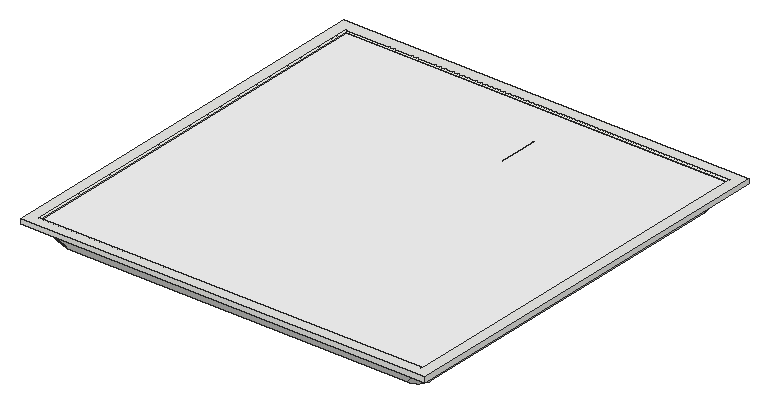
Revit family "Thorn BETA FORCE", category Lighting Fixtures, host Face, Revit 2023
Family settings
  Host = Face
  Round Connector Dimension = Use Diameter
  Part Type = Normal
  OmniClass Number = 23.80.70.11.11
  OmniClass Title = General Luminaries, Non Directional
  Cut with Voids When Loaded = Yes
  Light Source = Yes
  Maintain Annotation Orientation = No
  Shared = No
  Room Calculation Point = Yes
Parameters (values of type "BETA FORCE 3500-80 CSW OP HF Q600")
  Wattage = 26.4926 W
  built-in parameter 1150110 = 1 (stored number, unit not read)
  Voltage = 230 V
  Visibility Plasterboard kit = and(Plasterboard Kit, or(Housing Q600, Housing Q625, Housing 3X12))  # no
  URL = "https://www.thornlighting.com/en/products/indoor-lighting/recessed-modular-luminaires/Beta_Force"
  Type Plasterboard kit Q625 = Thorn BETA 3 Plasterboard Kit : BETA 3 PLASTERBOARD KIT Q625
  Type Plasterboard kit Q600 = Thorn BETA 3 Plasterboard Kit : BETA 3 PLASTERBOARD KIT Q600
  Type Plasterboard kit 3X12 = Thorn BETA 3 Plasterboard Kit : BETA 3 PLASTERBOARD KIT 3x12
  Type Plasterboard Kit = if(Housing Q600, Type Plasterboard kit Q600, if(Housing Q625, Type Plasterboard kit Q625, if(Housing 3X12, Type Plasterboard kit 3X12, Type Plasterboard kit Q600)))  # Thorn BETA 3 Plasterboard Kit : BETA 3 PLASTERBOARD KIT Q600
  Type Image = Beta Force-600.jpg
  built-in parameter 1114217 = 1 (stored number, unit not read)
  Tilt Angle = -90.00°  # constant formula
  built-in parameter 1150109 = 1 (stored number, unit not read)
  built-in parameter 1150134 = 12
  built-in parameter 1150113 = 1 (stored number, unit not read)
  SELECT MOUNTING ACCESSORIES = "SELECT MOUNTING ACCESSORIES"  # constant formula
  SELECT HOUSING TYPE = "SELECT HOUSING TYPE"  # constant formula
  Power Factor = 0.9
  Plasterboard Kit = no
  Photometric Web File = "96638041_(4000K).IES"
  Model = "96638041"
  Manufacturer = "Thorn Lighting"  # constant formula
  built-in parameter 1150105 = 286.72 (stored number, unit not read)
  Lumens = 3603 lm
  Luminaire Width = if(Housing Q600, 596 mm, if(Housing Q625, 622 mm, if(Housing 3X12, 296 mm, if(Housing 3X12D, 309 mm, 596 mm))))  # 596 mm
  Luminaire Length = if(Housing Q600, 596 mm, if(Housing Q625, 622 mm, if(Housing 3X12, 1196 mm, if(Housing 3X12D, 1247 mm, 596 mm))))  # 596 mm
  Luminaire Height = 35 mm  # constant formula
  built-in parameter 1150115 = 1 (stored number, unit not read)
  built-in parameter 1150137 = (empty or 0)
  built-in parameter 1150139 = (empty or 0)
  built-in parameter 1150112 = 1 (stored number, unit not read)
  built-in parameter 1150114 = 1 (stored number, unit not read)
  built-in parameter 1150132 = 2
  built-in parameter 1150102 = (empty or 0)
  built-in parameter 1150107 = 4000 (stored number, unit not read)
  built-in parameter 1150138 = (empty or 0)
  built-in parameter 1150106 = 2.8672 (stored number, unit not read)
  Housing Q625 = no
  Housing Q600 = yes
  Housing 3X12D = no
  Housing 3X12 = no
  Emit from Rectangle Width = Luminaire Width - 36 mm  # 560 mm
  Emit from Rectangle Length = Luminaire Length - 36 mm  # 560 mm
  Emit Shape Visible in Rendering = 0 < 1  # yes
  built-in parameter 1150104 = 12.635 (stored number, unit not read)
  Void = if(Visibility Plasterboard kit, 2 mm, 0 mm)  # 0 mm
  Dimming Lamp Color Temperature Shift = <None>
  Description = " Recessed Modular Luminaire"  # constant formula
  Default Elevation = 0 mm  # constant formula
  Frame = if(or(Housing Q600, Housing Q625), 16.5 mm, 19 mm)  # 16.5 mm
  Color Filter = 16777215
  built-in parameter 1114218 = 1 (stored number, unit not read)
  built-in parameter 1150133 = 10 (stored number, unit not read)
  Assembly Code = "Pr_70_60_48_45"
  Apparent Load = 26.4 VA
Types (17, lengths in mm): name | Wattage | Type Plasterboard Kit | Type Image | Photometric Web File | Model | built-in parameter 1150105 | Lumens | Luminaire Width | Luminaire Length | built-in parameter 1150106 | Housing Q600 | Housing 3X12D | Housing 3X12 | Emit from Rectangle Width | Emit from Rectangle Length | built-in parameter 1150104 | Frame | Apparent Load
  BETA FORCE 3500-80 CSW OP HFIX 3X12 | 24.9857 W | Thorn BETA 3 Plasterboard Kit : BETA 3 PLASTERBOARD KIT 3x12 | Beta Force-3x12.jpg | "96638055_(4000K).IES" | "96638055" | 278.36 (stored number, unit not read) | 3498 lm | 296 | 1196 | 2.7836 (stored number, unit not read) | no | no | yes | 260 | 1160 | 13.006 (stored number, unit not read) | 19 | 24.9 VA
  BETA FORCE 4100-80 CSW OP HFIX 3X12 | 30.562 W | Thorn BETA 3 Plasterboard Kit : BETA 3 PLASTERBOARD KIT 3x12 | Beta Force-3x12.jpg | "96638056_(4000K).IES" | "96638056" | 333.19 (stored number, unit not read) | 4187 lm | 296 | 1196 | 3.3319 (stored number, unit not read) | no | no | yes | 260 | 1160 | 12.728 (stored number, unit not read) | 19 | 30.6 VA
  BETA FORCE 3500-80 CSW OP HFIX Q600 | 24.9655 W | Thorn BETA 3 Plasterboard Kit : BETA 3 PLASTERBOARD KIT Q600 | Beta Force-600.jpg | "96638052_(4000K).IES" | "96638052" | 288.07 (stored number, unit not read) | 3620 lm | 596 | 596 | 2.8807 (stored number, unit not read) | yes | no | no | 560 | 560 | 13.471 (stored number, unit not read) | 16.5 | 25 VA
  BETA FORCE 4100-80 CSW OP HFIX Q600 | 30.4286 W | Thorn BETA 3 Plasterboard Kit : BETA 3 PLASTERBOARD KIT Q600 | Beta Force-600.jpg | "96638053_(4000K).IES" | "96638053" | 339 (stored number, unit not read) | 4260 lm | 596 | 596 | 3.39 (stored number, unit not read) | yes | no | no | 560 | 560 | 13.006 (stored number, unit not read) | 16.5 | 30.4 VA
  BETA FORCE 4100-90 CSW OP HFIX Q600 | 33.1951 W | Thorn BETA 3 Plasterboard Kit : BETA 3 PLASTERBOARD KIT Q600 | Beta Force-600.jpg | "96638058_(4000K).IES" | "96638058" | 324.91 (stored number, unit not read) | 4083 lm | 596 | 596 | 3.2491 (stored number, unit not read) | yes | no | no | 560 | 560 | 11.427 (stored number, unit not read) | 16.5 | 33.2 VA
  BETA FORCE 6000-80 CSW OP HFIX Q600 | 48.256 W | Thorn BETA 3 Plasterboard Kit : BETA 3 PLASTERBOARD KIT Q600 | Beta Force-600.jpg | "96638054_(4000K).IES" | "96638054" | 480.01 (stored number, unit not read) | 6032 lm | 596 | 596 | 4.8001 (stored number, unit not read) | yes | no | no | 560 | 560 | 11.613 (stored number, unit not read) | 16.5 | 48.4 VA
  BETA FORCE 4100-90 CSW OP HFIX 3X12 | 32.9758 W | Thorn BETA 3 Plasterboard Kit : BETA 3 PLASTERBOARD KIT 3x12 | Beta Force-3x12.jpg | "96638059_(4000K).IES" | "96638059" | 325.39 (stored number, unit not read) | 4089 lm | 296 | 1196 | 3.2539 (stored number, unit not read) | no | no | yes | 260 | 1160 | 11.52 (stored number, unit not read) | 19 | 33 VA
  BETA FORCE 6000-80 CSW OP HFIX 3X12 | 48.6569 W | Thorn BETA 3 Plasterboard Kit : BETA 3 PLASTERBOARD KIT 3x12 | Beta Force-3x12.jpg | "96638057_(4000K).IES" | "96638057" | 530.46 (stored number, unit not read) | 6666 lm | 296 | 1196 | 5.3046 (stored number, unit not read) | no | no | yes | 260 | 1160 | 12.728 (stored number, unit not read) | 19 | 48.6 VA
  BETA FORCE 3500-80 CSW OP HF 3X12 | 26.3534 W | Thorn BETA 3 Plasterboard Kit : BETA 3 PLASTERBOARD KIT 3x12 | Beta Force-3x12.jpg | "96638044_(4000K).IES" | "96638044" | 278.92 (stored number, unit not read) | 3505 lm | 296 | 1196 | 2.7892 (stored number, unit not read) | no | no | yes | 260 | 1160 | 12.356 (stored number, unit not read) | 19 | 26.4 VA
  BETA FORCE 3500-80 CSW OP HF Q600 | 26.4926 W | Thorn BETA 3 Plasterboard Kit : BETA 3 PLASTERBOARD KIT Q600 | Beta Force-600.jpg | "96638041_(4000K).IES" | "96638041" | 286.72 (stored number, unit not read) | 3603 lm | 596 | 596 | 2.8672 (stored number, unit not read) | yes | no | no | 560 | 560 | 12.635 (stored number, unit not read) | 16.5 | 26.4 VA
  BETA FORCE 4100-80 CSW OP HF 3X12 | 30.5175 W | Thorn BETA 3 Plasterboard Kit : BETA 3 PLASTERBOARD KIT 3x12 | Beta Force-3x12.jpg | "96638045_(4000K).IES" | "96638045" | 347.28 (stored number, unit not read) | 4364 lm | 296 | 1196 | 3.4728 (stored number, unit not read) | no | no | yes | 260 | 1160 | 13.285 (stored number, unit not read) | 19 | 30.6 VA
  BETA FORCE 4100-80 CSW OP HF Q600 | 30.2214 W | Thorn BETA 3 Plasterboard Kit : BETA 3 PLASTERBOARD KIT Q600 | Beta Force-600.jpg | "96638042_(4000K).IES" | "96638042" | 336.69 (stored number, unit not read) | 4231 lm | 596 | 596 | 3.3669 (stored number, unit not read) | yes | no | no | 560 | 560 | 13.006 (stored number, unit not read) | 16.5 | 30.3 VA
  BETA FORCE 4100-90 CSW OP HF 3X12 | 32.935 W | Thorn BETA 3 Plasterboard Kit : BETA 3 PLASTERBOARD KIT 3x12 | Beta Force-3x12.jpg | "96638051_(4000K).IES" | "96638051" | 322.37 (stored number, unit not read) | 4051 lm | 296 | 1196 | 3.2237 (stored number, unit not read) | no | no | yes | 260 | 1160 | 11.427 (stored number, unit not read) | 19 | 33 VA
  BETA FORCE 4100-90 CSW OP HF Q600 | 34.2136 W | Thorn BETA 3 Plasterboard Kit : BETA 3 PLASTERBOARD KIT Q600 | Beta Force-600.jpg | "96638050_(4000K).IES" | "96638050" | 280.43 (stored number, unit not read) | 3524 lm | 596 | 596 | 2.8043 (stored number, unit not read) | yes | no | no | 560 | 560 | 9.569 (stored number, unit not read) | 16.5 | 34.2 VA
  BETA FORCE 6000-80 CSW OP HF 3X12 | 47.0379 W | Thorn BETA 3 Plasterboard Kit : BETA 3 PLASTERBOARD KIT 3x12 | Beta Force-3x12.jpg | "96638046_(4000K).IES" | "96638046" | 494.1 (stored number, unit not read) | 6209 lm | 296 | 1196 | 4.941 (stored number, unit not read) | no | no | yes | 260 | 1160 | 12.263 (stored number, unit not read) | 19 | 46.9 VA
  BETA FORCE 6000-80 CSW OP HF 3X12D | 46.8797 W | Thorn BETA 3 Plasterboard Kit : BETA 3 PLASTERBOARD KIT Q600 | Beta Force-3x12.jpg | "96638049_(4000K).IES" | "96638049" | 496.17 (stored number, unit not read) | 6235 lm | 309 | 1247 | 4.9617 (stored number, unit not read) | no | yes | no | 273 | 1211 | 12.356 (stored number, unit not read) | 19 | 46.9 VA
  BETA FORCE 6000-80 CSW OP HF Q600 | 46.2652 W | Thorn BETA 3 Plasterboard Kit : BETA 3 PLASTERBOARD KIT Q600 | Beta Force-600.jpg | "96638043_(4000K).IES" | "96638043" | 485.98 (stored number, unit not read) | 6107 lm | 596 | 596 | 4.8598 (stored number, unit not read) | yes | no | no | 560 | 560 | 12.263 (stored number, unit not read) | 16.5 | 46.1 VA
Reference planes
  plane 1 "Center (Front/Back)": y = 0
  plane 2: z = 0
  plane 3 "Center (Left/Right)": x = 0
  plane 4: x = -298
  plane 5: x = 298
  plane 6: y = 298
  plane 7: y = -298
  plane 8: z = 0
  plane 9: z = -35
  plane 10: y = 314.5
  plane 11: y = -314.5
  plane 12: x = -314.5
  plane 13: x = 314.5
  plane 14: y = 298
  plane 15: y = -298
  plane 16: x = -298
  plane 17: x = 298
Forms (mm)
  Extrusion 1, void
    sketch origin (0, 0, 0) x (1, 0, 0) y (0, 1, 0)
      loop
        line (-298, 298) -> (-298, -298) -> (298, -298) -> (298, 298) -> (-298, 298)
    from -100 to 30
Lines and regions (mm)
  Filled region 1, type "White"
    outline origin (0, 0, 0) x (1, 0, 0) y (0, 1, 0)
      loop
        line (-298, 298) -> (-298, -298) -> (298, -298) -> (298, 298) -> (-298, 298)
      loop
        line (-280, 280) -> (-280, -280) -> (280, -280) -> (280, 280) -> (-280, 280)
  Filled region 2, type "White"
    outline origin (0, 0, 0) x (1, 0, 0) y (0, 1, 0)
      loop
        line (-280, 280) -> (-280, -280) -> (280, -280) -> (280, 280) -> (-280, 280)
  Filled region 3, type "White", visible <- "Visibility Plasterboard kit"
    outline origin (0, 0, 0) x (1, 0, 0) y (0, 1, 0)
      loop
        line (-314.5, 314.5) -> (-314.5, -314.5) -> (314.5, -314.5) -> (314.5, 314.5) -> (-314.5, 314.5)
      loop
        line (-298, 298) -> (-298, -298) -> (298, -298) -> (298, 298) -> (-298, 298)
Dimensions and locks
  equal spacing: plane 4, plane 3 "Center (Left/Right)", plane 5
  "Luminaire Length": plane 4 to plane 5
  equal spacing: plane 7, plane 1 "Center (Front/Back)", plane 6
  "Luminaire Width": plane 7 to plane 6
  "Luminaire Height": plane 8 to plane 9
  "Frame": plane 10 to plane 6
  "Frame": plane 11 to plane 7
  "Frame": plane 12 to plane 4
  "Frame": plane 13 to plane 5
  "Void": plane 14 to plane 6
  "Void": plane 15 to plane 7
  "Void": plane 16 to plane 4
  "Void": plane 17 to plane 5
  locked: host face to imposter light at 1.5
  aligned and locked: plane 2 to host face
  aligned and locked: level to host face
  aligned and locked: nested 1 to plane 1 "Center (Front/Back)"
  aligned and locked: plane 3 "Center (Left/Right)" to nested 1
  aligned and locked: plane 4 to Filled region 1 sketch curve
  aligned and locked: plane 5 to Filled region 1 sketch curve
  aligned and locked: Filled region 1 sketch curve to plane 6
  aligned and locked: Filled region 1 sketch curve to plane 7
  aligned and locked: Filled region 2 sketch curve to nested 1  (x4)
  aligned and locked: plane 3 "Center (Left/Right)" to nested 2
  aligned and locked: plane 1 "Center (Front/Back)" to nested 2
  aligned and locked: Filled region 3 sketch curve to plane 10
  aligned and locked: plane 12 to Filled region 3 sketch curve
  aligned and locked: Filled region 3 sketch curve to plane 11
  aligned and locked: plane 13 to Filled region 3 sketch curve
  aligned and locked: plane 5 to Filled region 3 sketch curve
  aligned and locked: plane 4 to Filled region 3 sketch curve
  aligned and locked: Filled region 3 sketch curve to plane 6
  aligned and locked: Filled region 3 sketch curve to plane 7
  aligned and locked: Extrusion 1 sketch curve to plane 14
  aligned and locked: plane 16 to Extrusion 1 sketch curve
  aligned and locked: plane 17 to Extrusion 1 sketch curve
  aligned and locked: Extrusion 1 sketch curve to plane 15
Automatic sketch dimensions
  host sketch curve to host sketch curve = 2438.4 mm  (x2)
  plane 4 to Filled region 1 sketch curve = 18 mm
  plane 5 to Filled region 1 sketch curve = 18 mm
  Filled region 1 sketch curve to plane 7 = 18 mm
  Filled region 1 sketch curve to plane 6 = 18 mm
Nested families
  nested 1: "Thorn-Parts-Beta Force-Housing" at (0, 0, 0) x (1, 0, 0) z (0, 0, -1), Housing Q600 <- "Housing Q600", Housing Q625 <- "Housing Q625", Housing 3x12 <- "Housing 3X12", Housing 3x12D <- "Housing 3X12D", type "00"
    with Visibility-Clip-3x12 no, Housing Q625 no, Housing Q600 yes, Housing 3x12D no, Housing 3x12 no, G 154 mm, F 580 mm, E 580 mm, B 596 mm, A 596 mm
  nested 2: "Thorn BETA 3 Plasterboard Kit" at (0, 0, 0) x (1, 0, 0) z (0, 0, -1), visible <- "Visibility Plasterboard kit", type <- "Type Plasterboard Kit", type "BETA 3 PLASTERBOARD KIT Q600"
Connectors
  electrical at (0, 0, 0), driven by "Voltage", driven by "Apparent Load", driven by "Power Factor"
    settings: index 1, voltage 230 V, apparent load 26.4 VA, apparent load phase1 0 VA, apparent load phase2 0 VA, apparent load phase3 0 VA, power factor 0.9, load classification "Lighting", number of poles 1, system type 30, power factor state 1, is connector primary yes, connector utility no, sub classification motor no, connector description ""
Definition of nested family "Thorn-Parts-Beta Force-Housing"
  Parameters (values of type "00")
    Material Self Illuminated = none
    Material Housing = none
    Housing Q625 [instance] = no
    Housing Q600 [instance] = yes
    Housing 3x12D [instance] = no
    Housing 3x12 [instance] = no
    Visibility-Clip-3x12 [instance] = or(Housing 3x12, Housing 3x12D)  # no
    Manufacturer = "Thorn Lighting"  # constant formula
    G [instance] = if(or(Housing Q600, Housing Q625), 154 mm, if(or(Housing 3x12, Housing 3x12D), 448 mm, 154 mm))  # 154 mm
    F [instance] = B - 16 mm  # 580 mm
    E [instance] = A - 16 mm  # 580 mm
    Default Elevation = 0 mm  # constant formula
    D = 60 mm  # constant formula
    C = 35 mm  # constant formula
    B [instance] = if(Housing Q600, 596 mm, if(Housing Q625, 622 mm, if(Housing 3x12, 296 mm, if(Housing 3x12D, 309 mm, 596 mm))))  # 596 mm
    A [instance] = if(Housing Q600, 596 mm, if(Housing Q625, 622 mm, if(Housing 3x12, 1196 mm, if(Housing 3x12D, 1247 mm, 596 mm))))  # 596 mm
  Reference planes
    plane 1 "Center (Front/Back)": y = 0
    plane 2: z = 0
    plane 3 "Center (Left/Right)": x = 0
    plane 4: x = -298
    plane 5: x = 298
    plane 6: y = 298
    plane 7: y = -298
    plane 8: x = -290
    plane 9: x = 290
    plane 10: y = 290
    plane 11: y = -290
    plane 12 "Top": z = 35
    plane 13: x = -280
    plane 14: x = 280
    plane 15: y = 280
    plane 16: y = -280
    plane 17: x = -286
    plane 18: y = 286
    plane 19: x = 286
    plane 20: y = -286
    plane 21: z = 60
    plane 22: x = -154
    plane 23: x = 154
  Forms (mm)
    Sweep 1, solid, material <- "Material Housing"
      path origin (0, 0, 0) x (1, 0, 0) y (0, 1, 0)
        loop
          line (298, 298) -> (-298, 298) -> (-298, -298) -> (298, -298) -> (298, 298)
      profile origin (0, 298, 0) x (0, -1, 0) y (0, 0, 1)
        loop
          line (0, 0) -> (15.144, 0) -> (18, 2) -> (18, 7) -> (0, 7) -> (0, 0)
    Extrusion 2, solid, material <- "Material Self Illuminated"
      sketch origin (0, 0, 0) x (1, 0, 0) y (0, 1, 0)
        loop
          line (-280, 280) -> (-280, -280) -> (280, -280) -> (280, 280) -> (-280, 280)
      from 2 to 7
    Blend 3, solid, material <- "Material Housing"
      base sketch origin (0, 0, 0) x (1, 0, 0) y (0, 1, 0)
        loop
          line (276, 286) -> (-276, 286)
          arc (-276, 286) -> (-283.071, 283.071) -> (-286, 276) r 10
          line (-286, 276) -> (-286, -276)
          arc (-286, -276) -> (-283.071, -283.071) -> (-276, -286) r 10
          line (-276, -286) -> (276, -286)
          arc (276, -286) -> (283.071, -283.071) -> (286, -276) r 10
          line (286, -276) -> (286, 276)
          arc (286, 276) -> (283.071, 283.071) -> (276, 286) r 10
      top sketch origin (0, 0, 0) x (1, 0, 0) y (0, 1, 0)
        loop
          line (250, 270) -> (-250, 270)
          arc (-250, 270) -> (-264.142, 264.142) -> (-270, 250) r 20
          line (-270, 250) -> (-270, -250)
          arc (-270, -250) -> (-264.142, -264.142) -> (-250, -270) r 20
          line (-250, -270) -> (250, -270)
          arc (250, -270) -> (264.142, -264.142) -> (270, -250) r 20
          line (270, -250) -> (270, 250)
          arc (270, 250) -> (264.142, 264.142) -> (250, 270) r 20
      from 7 to 35
    Sweep 4, solid, detail levels fine
      path origin (0, 0, 0) x (0, 1, 0) y (0, 0, 1)
        loop
          line (-90, 43.166) -> (-273.735, 43.166)
          arc (-273.735, 43.166) -> (-281.617, 37.103) -> (-277.781, 27.929) r 8.156
          line (-277.781, 27.929) -> (-274.961, 26.318)
      profile origin (0, -181.867, 43.166) x (0, 0, -1) y (1, 0, 0)
        loop
          circle (0, 0) r 2
    Extrusion 5, solid, material <- "Material Housing", detail levels fine
      sketch origin (0, 0, 0) x (1, 0, 0) y (0, 1, 0)
        loop
          arc (-50, -75.306) -> (0, -90) -> (50, -75.306) r 92.416
          line (50, -75.306) -> (50, 0) -> (50, 75.306)
          arc (50, 75.306) -> (0, 90) -> (-50, 75.306) r 92.416
          line (-50, 75.306) -> (-50, 0) -> (-50, -75.306)
      from 35 to 60
  Dimensions and locks
    equal spacing: plane 6, plane 1 "Center (Front/Back)", plane 7
    equal spacing: plane 4, plane 3 "Center (Left/Right)", plane 5
    "A": plane 4 to plane 5
    "B": plane 6 to plane 7
    equal spacing: plane 8, plane 3 "Center (Left/Right)", plane 9
    equal spacing: plane 11, plane 1 "Center (Front/Back)", plane 10
    "E": plane 8 to plane 9
    "F": plane 11 to plane 10
    locked: plane 4 to plane 13 at 18
    locked: plane 14 to plane 5 at 18
    locked: plane 6 to plane 15 at 18
    locked: plane 16 to plane 7 at 18
    locked: plane 4 to plane 17 at 12
    locked: plane 6 to plane 18 at 12
    locked: plane 19 to plane 5 at 12
    locked: plane 20 to plane 7 at 12
    "G": plane 22 to plane 3 "Center (Left/Right)"
    "G": plane 3 "Center (Left/Right)" to plane 23
    locked: plane 21 to plane 12 "Top" at 25
    "C": plane 12 "Top" to level
    locked: Sweep 1 sketch curve to Sweep 1 sketch curve at 18
    aligned and locked: level to plane 2
    aligned and locked: Sweep 1 sketch curve to plane 6
    aligned and locked: plane 5 to Sweep 1 sketch curve
    aligned and locked: plane 7 to Sweep 1 sketch curve
    aligned and locked: Sweep 1 sketch curve to plane 4
    aligned and locked: Extrusion 2 sketch curve to plane 15
    aligned and locked: Extrusion 2 sketch curve to plane 13
    aligned and locked: plane 14 to Extrusion 2 sketch curve
    aligned and locked: plane 16 to Extrusion 2 sketch curve
    aligned and locked: plane 12 "Top" to Blend 3
    aligned and locked: plane 18 to Blend 3 sketch curve
    aligned and locked: plane 17 to Blend 3 sketch curve
    aligned and locked: plane 19 to Blend 3 sketch curve
    aligned and locked: plane 20 to Blend 3 sketch curve
    aligned and locked: Extrusion 5 to plane 12 "Top"
    aligned and locked: plane 21 to Extrusion 5
  Automatic sketch dimensions
    plane 13 to Blend 3 sketch curve = 4 mm  (x2)
    plane 14 to Blend 3 sketch curve = 4 mm  (x2)
    plane 13 to Blend 3 sketch curve = 10 mm
    Blend 3 sketch curve to Blend 3 sketch curve = 20 mm  (x2)
    Blend 3 sketch curve to plane 16 = 10 mm
    plane 14 to Blend 3 sketch curve = 30 mm  (x2)
    plane 14 to Blend 3 sketch curve = 10 mm
    Blend 3 sketch curve to plane 15 = 30 mm
    plane 1 "Center (Front/Back)" to Extrusion 5 sketch curve = 0 mm  (x2)
    Extrusion 5 sketch curve to plane 3 "Center (Left/Right)" = 0 mm  (x2)
    Extrusion 5 sketch curve to plane 3 "Center (Left/Right)" = 50 mm
    plane 3 "Center (Left/Right)" to Extrusion 5 sketch curve = 50 mm
    plane 1 "Center (Front/Back)" to Extrusion 5 sketch curve = 2.416 mm
    plane 1 "Center (Front/Back)" to Extrusion 5 sketch curve = 75.306 mm
    Extrusion 5 sketch curve to plane 1 "Center (Front/Back)" = 2.416 mm
    Extrusion 5 sketch curve to plane 1 "Center (Front/Back)" = 75.306 mm
    Sweep 1 sketch curve to profile plane = 0 mm
    Sweep 1 sketch curve to level = 0 mm
    Sweep 1 sketch curve to Sweep 1 sketch curve = 2.856 mm
    level to Sweep 1 sketch curve = 2 mm
    Sweep 1 sketch curve to Sweep 1 sketch curve = 5 mm
    Sweep 4 sketch curve to plane 16 = 2.219 mm
    plane 12 "Top" to Sweep 4 sketch curve = 0.01 mm
    Sweep 4 sketch curve to plane 16 = 6.265 mm
    Sweep 4 sketch curve to plane 12 "Top" = 7.071 mm
    Sweep 4 sketch curve to Sweep 4 sketch curve = 2.82 mm
    plane 1 "Center (Front/Back)" to Sweep 4 sketch curve = 90 mm
    Sweep 4 sketch curve to Sweep 4 sketch curve = 1.611 mm
    Sweep 4 sketch curve to plane 3 "Center (Left/Right)" = 0 mm
    Sweep 4 sketch curve to profile plane = 0 mm
    radius of Sweep 4 sketch curve = 2 mm
Definition of nested family "Thorn BETA 3 Plasterboard Kit"
  Parameters (values of type "BETA 3 PLASTERBOARD KIT Q600")
    URL = "https://www.thornlighting.com/en/products/indoor-lighting/recessed-modular-luminaires/Beta_Force/beta-force-accessories/96635030"
    Type Image = element 364296
    Model = "96635030"
    Material Housing = none
    Manufacturer = "Thorn Lighting"  # constant formula
    G = 100 mm
    F = 100 mm
    E = 16.5 mm
    Description = "Ceiling luminaire accessories - Plasterboard kit"  # constant formula
    Default Elevation = 0 mm  # constant formula
    D = 15 mm  # constant formula
    Height = 90 mm  # constant formula
    Width = 596 mm
    Assembly Code = "Pr_70_70_48_23"
    Length = 596 mm
  Types (3, lengths in mm): name | URL | Type Image | Model | F | E | Width | Length
    BETA 3 PLASTERBOARD KIT Q625 | "https://www.thornlighting.com/en/products/indoor-lighting/recessed-modular-luminaires/Beta_3/beta-3-accessories/96635032" | element 364296 | "96635032" | 100 | 16.5 | 622 | 622
    BETA 3 PLASTERBOARD KIT Q600 | "https://www.thornlighting.com/en/products/indoor-lighting/recessed-modular-luminaires/Beta_Force/beta-force-accessories/96635030" | element 364296 | "96635030" | 100 | 16.5 | 596 | 596
    BETA 3 PLASTERBOARD KIT 3x12 | "https://www.thornlighting.com/en/products/indoor-lighting/recessed-modular-luminaires/Beta_3/beta-3-accessories/96635447" | element 364298 | "96635447" | 50 | 19 | 296 | 1196
  Reference planes
    plane 1 "Center (Front/Back)": y = 0
    plane 2: z = 0
    plane 3 "Center (Left/Right)": x = 0
    plane 4 "Left": x = -298
    plane 5 "Right": x = 298
    plane 6 "Back": y = 298
    plane 7 "Front": y = -298
    plane 8: x = -283
    plane 9: x = 283
    plane 10: y = 283
    plane 11: y = -283
    plane 12: x = -314.5
    plane 13: y = 314.5
    plane 14: x = 314.5
    plane 15: y = -314.5
    plane 16: z = 90
    plane 17: z = 20
    plane 18: y = 198
    plane 19: y = -198
    plane 20: x = -198
    plane 21: x = 198
    plane 22: x = -300
    plane 23: x = 300
    plane 24: y = 129
    plane 25: y = -129
    plane 26: x = -129
    plane 27: x = 129
  Forms (mm)
    Extrusion 1, solid, material <- "Material Housing"
      sketch origin (0, 0, 0) x (1, 0, 0) y (0, 1, 0)
        loop
          line (-314.5, 314.5) -> (-314.5, -314.5) -> (314.5, -314.5) -> (314.5, 314.5) -> (-314.5, 314.5)
        loop
          line (-283, 283) -> (-283, -283) -> (283, -283) -> (283, 283) -> (-283, 283)
      from -2 to 0
    Extrusion 2, solid, material <- "Material Housing"
      sketch origin (-298, 0, 0) x (0, 1, 0) y (0, 0, 1)
        loop
          line (298, 0) -> (298, 90) -> (198, 90) -> (129, 20) -> (-129, 20) -> (-198, 90) -> (-298, 90) -> (-298, 0) -> (298, 0)
      from 0 to -2
    Extrusion 3, solid, material <- "Material Housing"
      sketch origin (298, 0, 0) x (0, 1, 0) y (0, 0, -1)
        loop
          line (298, 0) -> (-298, 0) -> (-298, -90) -> (-198, -90) -> (-129, -20) -> (129, -20) -> (198, -90) -> (298, -90) -> (298, 0)
      from 0 to -2
    Extrusion 4, solid, material <- "Material Housing"
      sketch origin (0, 298, 0) x (-1, 0, 0) y (0, 0, 1)
        loop
          line (300, 0) -> (300, 90) -> (198, 90) -> (129, 20) -> (-129, 20) -> (-198, 90) -> (-300, 90) -> (-300, 0) -> (300, 0)
      from 0 to 2
    Extrusion 5, solid, material <- "Material Housing"
      sketch origin (0, -298, 0) x (-1, 0, 0) y (0, 0, -1)
        loop
          line (300, 0) -> (-300, 0) -> (-300, -90) -> (-198, -90) -> (-129, -20) -> (129, -20) -> (198, -90) -> (300, -90) -> (300, 0)
      from 0 to 2
  Cuts and joins
    joined: Extrusion 2, Extrusion 3, Extrusion 4, Extrusion 5
  Dimensions and locks
    equal spacing: plane 4 "Left", plane 3 "Center (Left/Right)", plane 5 "Right"
    "Length": plane 4 "Left" to plane 5 "Right"
    equal spacing: plane 7 "Front", plane 1 "Center (Front/Back)", plane 6 "Back"
    "Width": plane 7 "Front" to plane 6 "Back"
    "D": plane 4 "Left" to plane 8
    "D": plane 9 to plane 5 "Right"
    "D": plane 6 "Back" to plane 10
    "D": plane 7 "Front" to plane 11
    "E": plane 13 to plane 6 "Back"
    "E": plane 12 to plane 4 "Left"
    "E": plane 15 to plane 7 "Front"
    "E": plane 5 "Right" to plane 14
    "Height": plane 16 to level
    locked: plane 17 to level at 20
    "F": plane 6 "Back" to plane 18
    "F": plane 19 to plane 7 "Front"
    "G": plane 20 to plane 4 "Left"
    "G": plane 21 to plane 5 "Right"
    locked: plane 22 to plane 4 "Left" at 2
    locked: plane 23 to plane 5 "Right" at 2
    locked: plane 18 to plane 24 at 69
    locked: plane 19 to plane 25 at 69
    locked: plane 20 to plane 26 at 69
    locked: plane 21 to plane 27 at 69
    aligned and locked: level to plane 2
    aligned and locked: Extrusion 1 sketch curve to plane 13
    aligned and locked: Extrusion 1 sketch curve to plane 15
    aligned and locked: Extrusion 1 sketch curve to plane 14
    aligned and locked: Extrusion 1 sketch curve to plane 12
    aligned and locked: Extrusion 1 sketch curve to plane 10
    aligned and locked: Extrusion 1 sketch curve to plane 8
    aligned and locked: Extrusion 1 sketch curve to plane 11
    aligned and locked: Extrusion 1 sketch curve to plane 9
    aligned and locked: level to Extrusion 2 sketch curve
    aligned and locked: Extrusion 2 sketch curve to plane 6 "Back"
    aligned and locked: plane 7 "Front" to Extrusion 2 sketch curve
    aligned and locked: plane 18 to Extrusion 2 sketch curve
    aligned and locked: plane 19 to Extrusion 2 sketch curve
    aligned and locked: Extrusion 5 sketch curve to plane 22
    aligned and locked: plane 23 to Extrusion 5 sketch curve
    aligned and locked: plane 21 to Extrusion 5 sketch curve
    aligned and locked: Extrusion 4 sketch curve to plane 22
    aligned and locked: plane 23 to Extrusion 4 sketch curve
    aligned and locked: plane 21 to Extrusion 4 sketch curve
    aligned and locked: Extrusion 4 sketch curve to level
    aligned and locked: Extrusion 5 sketch curve to level
    aligned and locked: plane 19 to Extrusion 3 sketch curve
    aligned and locked: plane 18 to Extrusion 3 sketch curve
    aligned and locked: level to Extrusion 3 sketch curve
    aligned and locked: Extrusion 3 sketch curve to plane 7 "Front"
    aligned and locked: plane 6 "Back" to Extrusion 3 sketch curve
    aligned and locked: plane 17 to Extrusion 3 sketch curve
    aligned and locked: plane 20 to Extrusion 5 sketch curve
    aligned and locked: Extrusion 5 sketch curve to plane 17
    aligned and locked: plane 20 to Extrusion 4 sketch curve
    aligned and locked: Extrusion 4 sketch curve to plane 17
    aligned and locked: plane 24 to Extrusion 2 sketch curve
    aligned and locked: plane 25 to Extrusion 2 sketch curve
    aligned and locked: plane 24 to Extrusion 3 sketch curve
    aligned and locked: plane 25 to Extrusion 3 sketch curve
    aligned and locked: plane 27 to Extrusion 5 sketch curve
    aligned and locked: plane 26 to Extrusion 5 sketch curve
    aligned and locked: plane 26 to Extrusion 4 sketch curve
    aligned and locked: plane 27 to Extrusion 4 sketch curve
  Automatic sketch dimensions
    Extrusion 5 sketch curve to plane 16 = 0 mm  (x2)
    Extrusion 4 sketch curve to plane 16 = 0 mm  (x2)
    Extrusion 2 sketch curve to plane 17 = 0 mm
    Extrusion 2 sketch curve to plane 16 = 0 mm  (x2)
    Extrusion 3 sketch curve to plane 16 = 0 mm  (x2)
